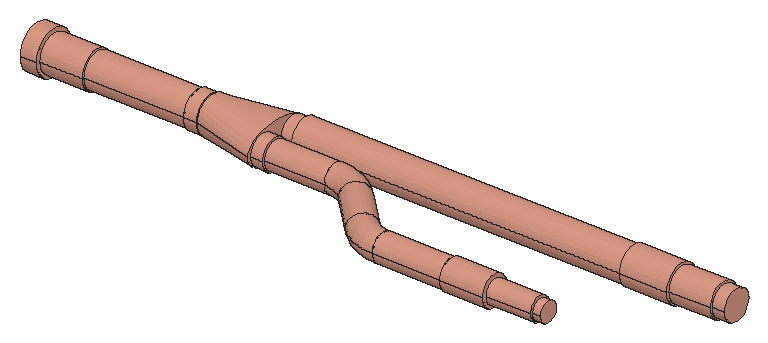
Revit family "outputfile", category 配管付属品, Revit 2024
Family settings
  丸型コネクタ寸法 = 半径を使用
  パーツ タイプ = 標準
  OmniClass 番号 = 23.65.55.00
  OmniClass タイトル = Distribution of Supplied Liquids/Gases
  作業面ベース = いいえ
  常に垂直 = はい
  ロード時にボイドで切り取り = いいえ
  共有 = いいえ
Parameters (values of type "BHRP25A73T")
  Description = ""
  製造元 = "Daikin"
  書き出し IFC クラス(タイプ) = "IfcPipeFittingType"
  定義済み IFC タイプ(タイプ) = "JUNCTION"
  Cost = 0
  Type Comments = ""
  Keynote = ""
  Type Image = (empty or 0)
  Assembly Code = ""
  mm⇔inch [instance] = yes
  l_dividePipe1 [instance] = size_lookup(table_StraightPipe, "l_dividePipe1", 10.0 mm, モデル)  # 12.0 mm
  Default Elevation = 0.0 mm
  モデル = "BHRP25A73T"
  table_StraightPipe [instance] = if(mm⇔inch, "Refnet Joint_BHRP25A-T_Gas_StraightPipe", "Refnet Joint_BHRP25A-T_Gas_StraightPipe_inch")  # "Refnet Joint_BHRP25A-T_Gas_StraightPipe"
  table_BranchPipe [instance] = if(mm⇔inch, "Refnet Joint_BHRP25A-T_Gas_BranchPipe", "Refnet Joint_BHRP25A-T_Gas_BranchPipe_inch")  # "Refnet Joint_BHRP25A-T_Gas_BranchPipe"
  table_Inlet [instance] = if(mm⇔inch, "Refnet Joint_BHRP25A-T_Gas_Inlet", "Refnet Joint_BHRP25A-T_Gas_Inlet_inch")  # "Refnet Joint_BHRP25A-T_Gas_Inlet"
  switch_StraightPipe_Reducer [instance] = if(Is_StraightPipe Reducer = 1, 1 = 1, 1 = 0)  # no
  switch_StraightPipe3 [instance] = if(number_StraightPipe = 3, 1 = 1, 1 = 0)  # yes
  switch_StraightPipe2 [instance] = if(number_StraightPipe < 2, 1 = 0, 1 = 1)  # yes
  switch_BranchPipe_Reducer [instance] = if(Is_BranchPipe Reducer = 1, 1 = 1, 1 = 0)  # no
  switch_BranchPipe3 [instance] = if(number_BranchPipe = 3, 1 = 1, 1 = 0)  # yes
  switch_BranchPipe2 [instance] = if(number_BranchPipe < 2, 1 = 0, 1 = 1)  # yes
  switch_Inlet pipe_Reducer [instance] = if(Is_Inlet Reducer = 1, 1 = 1, 1 = 0)  # no
  switch_Inlet pipe3 [instance] = if(number_InletPipe = 3, 1 = 1, 1 = 0)  # no
  switch_Inlet pipe2 [instance] = if(number_InletPipe < 2, 1 = 0, 1 = 1)  # yes
  Uniclass2015Version = "Products v1.31"
  Uniclass2015Title = "Copper pipe fittings"
  Uniclass2015Code = "Pr_65_52_63_18"
  URL = ""
  StraightPipe_Gas_ActualDiameter [instance] = 25.4 mm
  Material_Piping = DAIKIN_Copper_Pipe
  Material_Insulation = DAIKIN_White_Insulation
  lw_Insulation [instance] = size_lookup(table_Inlet, "lw_Insulation", 57.8 mm, モデル)  # 58.5 mm
  Unit Type = "BHRP25A-T_Gas"
  Tag No. [instance] = ""
  StraightPipe_Gas_Status [instance] = size_lookup(table_StraightPipe, "Information", "The connected pipe size is not available.", モデル, StraightPipe_Gas_ActualDiameter)  # "Default connector size is used."
  Link_Nested Family [instance] = ""
  Inlet_Gas_Actual Diameter [instance] = 38.1 mm
  IfcVersion = ""
  IfcExportType = "JUNCTION"
  IfcExportAs = "IfcPipeFittingType"
  BranchPipe_Gas_Status [instance] = size_lookup(table_BranchPipe, "Information", "The connected pipe size is not available.", モデル, BranchPipe_Gas_ActualDiameter)  # "Default connector size is used."
  Inlet_Gas_Status [instance] = size_lookup(table_Inlet, "Information", "The connected pipe size is not available.", モデル, Inlet_Gas_Actual Diameter)  # "Default connector size is used."
  Series = "Refnet Joint"
  O.R_dividePipe_Inlet [instance] = (I.D_InletPipe1 + 2.0 mm) / 2  # 16.9 mm
  r_StraightPipe_Connector [instance] = StraightPipe_Gas_ActualDiameter / 2  # 12.7 mm
  r_BranchPipe_Connector [instance] = BranchPipe_Gas_ActualDiameter / 2  # 7.95 mm
  r_Inlet_Connector [instance] = Inlet_Gas_Actual Diameter / 2  # 19.05 mm
  number_StraightPipe [instance] = size_lookup(table_StraightPipe, "pipeNumber", 2, モデル, StraightPipe_Gas_ActualDiameter)  # 3
  number_BranchPipe [instance] = size_lookup(table_BranchPipe, "pipeNumber", 2, モデル, BranchPipe_Gas_ActualDiameter)  # 3
  number_InletPipe [instance] = size_lookup(table_Inlet, "pipeNumber", 3, モデル, Inlet_Gas_Actual Diameter)  # 2
  r_BranchPipeR [instance] = size_lookup(table_BranchPipe, "r_offsetPipeR", 25.0 mm, モデル, BranchPipe_Gas_ActualDiameter)  # 40.0 mm
  l_BranchPipe_Straight2 [instance] = size_lookup(table_BranchPipe, "L_offsetPipe2", 43.0 mm, モデル)  # 63.0 mm
  l_BranchPipe_Straight1 [instance] = size_lookup(table_BranchPipe, "L_offsetPipe1", 5.0 mm, モデル)  # 56.0 mm
  l_BranchPipe connector [instance] = size_lookup(table_BranchPipe, "Length", 170.0 mm, モデル, BranchPipe_Gas_ActualDiameter)  # 312.0 mm
  l_inlet connector [instance] = size_lookup(table_Inlet, "Length", 130.0 mm, モデル, Inlet_Gas_Actual Diameter)  # 161.0 mm
  l_dividePipe [instance] = size_lookup(table_Inlet, "L_devidePipe", 38.0 mm, モデル)  # 61.0 mm
  l_StraightPipeReducer [instance] = size_lookup(table_StraightPipe, "L_Reducer", 80.0 mm, モデル, StraightPipe_Gas_ActualDiameter)  # 120.0 mm
  l_StraightPipe3 [instance] = size_lookup(table_StraightPipe, "L_Pipe3", 2.0 mm, モデル)  # 12.0 mm
  l_StraightPipe2 [instance] = size_lookup(table_StraightPipe, "L_Pipe2", 8.0 mm, モデル)  # 39.0 mm
  l_StraightPipe1 [instance] = size_lookup(table_StraightPipe, "L_Pipe1", 42.0 mm, モデル)  # 44.0 mm
  l_StraightPipe0 [instance] = size_lookup(table_StraightPipe, "L_Pipe0", 152.0 mm, モデル)  # 305.0 mm
  l_StraightPipe connector [instance] = size_lookup(table_StraightPipe, "Length", 212.0 mm, モデル, StraightPipe_Gas_ActualDiameter)  # 412.0 mm
  l_BranchPipe Reducer [instance] = size_lookup(table_BranchPipe, "L_Reducer", 80.0 mm, モデル, BranchPipe_Gas_ActualDiameter)  # 100.0 mm
  l_BranchPipe3 [instance] = size_lookup(table_BranchPipe, "L_Pipe3", 2.0 mm, モデル)  # 8.0 mm
  l_BranchPipe2 [instance] = size_lookup(table_BranchPipe, "L_Pipe2", 8.0 mm, モデル)  # 42.0 mm
  l_BranchPipe1 [instance] = size_lookup(table_BranchPipe, "L_Pipe1", 42.0 mm, モデル)  # 40.0 mm
  l_BranchPipe0 [instance] = size_lookup(table_BranchPipe, "L_Pipe0", 110.0 mm, モデル)  # 210.0 mm
  l_InletReducer [instance] = size_lookup(table_Inlet, "L_Reducer", 100.0 mm, モデル, Inlet_Gas_Actual Diameter)  # 120.0 mm
  l_InletPipe3 [instance] = size_lookup(table_Inlet, "L_Pipe3", 8.0 mm, モデル)  # 2.0 mm
  l_InletPipe2 [instance] = size_lookup(table_Inlet, "L_Pipe2", 42.0 mm, モデル)  # 15.0 mm
  l_InletPipe1 [instance] = size_lookup(table_Inlet, "L_Pipe1", 40.0 mm, モデル)  # 40.0 mm
  l_InletPipe0 [instance] = size_lookup(table_Inlet, "L_Pipe0", 28.0 mm, モデル)  # 94.0 mm
  center_StraightPipe [instance] = size_lookup(table_StraightPipe, "center_Pipe", 11.5 mm, モデル)  # 17.5 mm
  center_BranchPipe2 [instance] = size_lookup(table_BranchPipe, "center_OffsetPipe", 68.5 mm, モデル)  # 75.5 mm
  center_BranchPipe1 [instance] = size_lookup(table_BranchPipe, "center_Pipe", 11.5 mm, モデル)  # 17.5 mm
  StraightPipe_Gas_AvailableDiameter [instance] = size_lookup(table_StraightPipe, "sizeVariation", "", モデル)  # "25.4/28.6/31.8/34.9/41.3mm"
  BranchPipe_Gas_AvailableDiameter [instance] = size_lookup(table_BranchPipe, "sizeVariation", "", モデル)  # "12.7/15.9/19.1/22.2/25.4/28.6mm"
  Inlet_Gas_Available Diameter [instance] = size_lookup(table_Inlet, "sizeVariation", "", モデル)  # "31.8/34.9/38.1/41.3mm"
  O.D_StraightPipe Reducer [instance] = size_lookup(table_StraightPipe, "O.D_reducer", 2.0 mm, モデル, StraightPipe_Gas_ActualDiameter)  # 2.0 mm
  O.D_Offset Outlet Reducer [instance] = size_lookup(table_BranchPipe, "O.D_reducer", 2.0 mm, モデル, BranchPipe_Gas_ActualDiameter)  # 2.0 mm
  O.D_Inlet Reducer [instance] = size_lookup(table_Inlet, "O.D_reducer", 2.0 mm, モデル, Inlet_Gas_Actual Diameter)  # 2.0 mm
  Is_StraightPipe Reducer [instance] = size_lookup(table_StraightPipe, "IsReducer", 0, モデル, StraightPipe_Gas_ActualDiameter)  # 0
  Is_BranchPipe Reducer [instance] = size_lookup(table_BranchPipe, "IsReducer", 0, モデル, BranchPipe_Gas_ActualDiameter)  # 0
  Is_Inlet Reducer [instance] = size_lookup(table_Inlet, "IsReducer", 0, モデル, Inlet_Gas_Actual Diameter)  # 0
  BranchPipe_Gas_ActualDiameter [instance] = 15.9 mm
  Attach_Insulation [instance] = no
  I.D_StraightPipe3 [instance] = size_lookup(table_StraightPipe, "I.D_PipeSize3", 2.0 mm, モデル)  # 25.4 mm
  I.D_StraightPipe2 [instance] = size_lookup(table_StraightPipe, "I.D_PipeSize2", 12.7 mm, モデル)  # 28.6 mm
  I.D_StraightPipe1 [instance] = size_lookup(table_StraightPipe, "I.D_PipeSize1", 15.9 mm, モデル)  # 31.8 mm
  I.D_StraightPipe0 [instance] = size_lookup(table_StraightPipe, "I.D_PipeSize0", 13.9 mm, モデル)  # 29.8 mm
  I.D_BranchPipe3 [instance] = size_lookup(table_BranchPipe, "I.D_PipeSize3", 2.0 mm, モデル)  # 15.9 mm
  I.D_BranchPipe2 [instance] = size_lookup(table_BranchPipe, "I.D_PipeSize2", 12.7 mm, モデル)  # 19.1 mm
  I.D_BranchPipe1 [instance] = size_lookup(table_BranchPipe, "I.D_PipeSize1", 15.9 mm, モデル)  # 25.4 mm
  I.D_BranchPipe0 [instance] = size_lookup(table_BranchPipe, "I.D_PipeSize0", 13.9 mm, モデル)  # 23.4 mm
  I.D_Straight Reducer [instance] = size_lookup(table_StraightPipe, "I.D_reducer", 2.0 mm, モデル, StraightPipe_Gas_ActualDiameter)  # 2.0 mm
  I.D_OutletPipe [instance] = size_lookup(table_Inlet, "I.D_OutletPipeSize", 16.0 mm, モデル, Inlet_Gas_Actual Diameter)  # 25.6 mm
  I.D_Branch Reducer [instance] = size_lookup(table_BranchPipe, "I.D_reducer", 2.0 mm, モデル, BranchPipe_Gas_ActualDiameter)  # 2.0 mm
  I.D_Inlet Reducer [instance] = size_lookup(table_Inlet, "I.D_reducer", 2.0 mm, モデル, Inlet_Gas_Actual Diameter)  # 2.0 mm
  I.D_InletPipe3 [instance] = size_lookup(table_Inlet, "I.D_PipeSize3", 12.7 mm, モデル)  # 2.0 mm
  I.D_InletPipe2 [instance] = size_lookup(table_Inlet, "I.D_PipeSize2", 15.9 mm, モデル)  # 38.1 mm
  I.D_InletPipe1 [instance] = size_lookup(table_Inlet, "I.D_PipeSize1", 19.1 mm, モデル)  # 31.8 mm
  I.D_InletPipe0 [instance] = size_lookup(table_Inlet, "I.D_PipeSize0", 17.1 mm, モデル)  # 29.8 mm
Reference planes
  plane 1 "Center (Front/Back)": y = 0
  plane 2: z = 0
  plane 3 "base_left": x = 0
  plane 4: x = 2
  plane 5: x = 17
  plane 6: x = 57
  plane 7: x = 151
  plane 8: x = 163
  plane 9: x = 224
  plane 10: x = 236
  plane 11 "center_straight outlet": y = 17.5
  plane 12 "center2_offset outlet": y = -75.5
  plane 13 "center1_offset outlet": y = -17.5
  plane 14: x = 541
  plane 15: x = 585
  plane 16: x = 624
  plane 17: x = 446
  plane 18: x = 486
  plane 19: x = 528
  plane 20: x = 636
  plane 21: x = 536
  plane 22 "Reducer_straightoutlet": x = 536
  plane 23: x = 636
  plane 24: y = -34.4
  plane 25: z = 16.9
  plane 26 "Inlet_connector": x = 2
  plane 27 "Left_Insulation": x = 104.5
Forms (mm)
  SweptBlend 1, solid, material "DAIKIN_Copper_Pipe" <- "Material_Piping"
    path origin (0, 0, 0) x (1, 0, 0) y (0, 1, 0)
      loop
        line (163, 0) -> (224, 0)
    profile origin (163, 0, 0) x (0, 1, 0) y (0, 0, 1)
      loop
        circle (0, 0) r 16.9
    end profile origin (224, 0, 0) x (0, 1, 0) y (0, 0, 1)
      loop
        spline (-34.4, 0) -> (-33.228, -4.374) -> (-29.791, -8.45) -> (-24.324, -11.95) -> (-17.2, -14.636) -> (-8.903, -16.324) -> (0, -16.9) -> (8.903, -16.324) -> (17.2, -14.636) -> (24.324, -11.95) -> (29.791, -8.45) -> (33.228, -4.374) -> (34.4, 0)
        spline (34.4, 0) -> (33.228, 4.374) -> (29.791, 8.45) -> (24.324, 11.95) -> (17.2, 14.636) -> (8.903, 16.324) -> (0, 16.9) -> (-8.903, 16.324) -> (-17.2, 14.636) -> (-24.324, 11.95) -> (-29.791, 8.45) -> (-33.228, 4.374) -> (-34.4, 0)
Dimensions and locks
  "l_InletPipe3": plane 3 "base_left" to plane 4
  "l_InletPipe2": plane 4 to plane 5
  "l_InletPipe1": plane 5 to plane 6
  "l_InletPipe0": plane 6 to plane 7
  locked: plane 7 to plane 8 at 12
  "center_StraightPipe": plane 1 "Center (Front/Back)" to plane 11 "center_straight outlet"
  "center_BranchPipe2": plane 12 "center2_offset outlet" to plane 1 "Center (Front/Back)"
  "center_BranchPipe1": plane 13 "center1_offset outlet" to plane 1 "Center (Front/Back)"
  "l_dividePipe": plane 8 to plane 9
  "l_dividePipe1": plane 9 to plane 10
  "l_StraightPipe0": plane 10 to plane 14
  "l_BranchPipe0": plane 10 to plane 17
  "l_BranchPipe1": plane 17 to plane 18
  "l_BranchPipe2": plane 18 to plane 19
  "l_StraightPipe1": plane 14 to plane 15
  "l_StraightPipe2": plane 15 to plane 16
  "l_StraightPipe3": plane 16 to plane 20
  "l_BranchPipe3": plane 19 to plane 21
  "l_BranchPipe connector": plane 9 to plane 22 "Reducer_straightoutlet"
  "l_StraightPipe connector": plane 9 to plane 23
  "O.R_dividePipe_Inlet": plane 24 to plane 13 "center1_offset outlet"
  "O.R_dividePipe_Inlet": plane 25 to plane 2
  "l_inlet connector": plane 26 "Inlet_connector" to plane 8
  "lw_Insulation": plane 27 "Left_Insulation" to plane 8
  "O.R_dividePipe_Inlet": radius of SweptBlend 1 sketch curve
  aligned and locked: level to plane 2
  aligned and locked: plane 2 to nested 1
  aligned and locked: plane 3 "base_left" to nested 1
  aligned and locked: plane 1 "Center (Front/Back)" to nested 1
  aligned and locked: plane 4 to nested 2
  aligned and locked: plane 1 "Center (Front/Back)" to nested 2
  aligned and locked: plane 5 to nested 2
  aligned and locked: plane 5 to nested 3
  aligned and locked: plane 6 to nested 3
  aligned and locked: plane 6 to nested 4
  aligned and locked: nested 4 to plane 7
  aligned and locked: nested 5 to plane 7
  aligned and locked: nested 5 to plane 8
  aligned and locked: plane 8 to SweptBlend 1 sketch curve
  aligned and locked: plane 9 to SweptBlend 1 sketch curve
  aligned and locked: plane 2 to SweptBlend 1 sketch curve  (x2)
  aligned and locked: plane 1 "Center (Front/Back)" to SweptBlend 1 sketch curve  (x2)
  aligned and locked: nested 6 to plane 9
  aligned and locked: nested 7 to plane 9
  aligned and locked: nested 6 to plane 11 "center_straight outlet"
  aligned and locked: nested 7 to plane 13 "center1_offset outlet"
  aligned and locked: nested 7 to plane 10
  aligned and locked: nested 6 to plane 10
  aligned and locked: nested 8 to plane 10
  aligned and locked: plane 14 to nested 8
  aligned and locked: nested 8 to plane 11 "center_straight outlet"
  aligned and locked: plane 14 to nested 9
  aligned and locked: plane 11 "center_straight outlet" to nested 9
  aligned and locked: plane 15 to nested 9
  aligned and locked: plane 11 "center_straight outlet" to nested 10
  aligned and locked: plane 15 to nested 10
  aligned and locked: plane 16 to nested 10
  aligned and locked: nested 11 to plane 12 "center2_offset outlet"
  aligned and locked: plane 17 to nested 11
  aligned and locked: plane 18 to nested 11
  aligned and locked: nested 12 to plane 12 "center2_offset outlet"
  aligned and locked: plane 18 to nested 12
  aligned and locked: plane 19 to nested 12
  aligned and locked: nested 13 to plane 10
  aligned and locked: nested 13 to plane 13 "center1_offset outlet"
  aligned and locked: nested 13 to plane 12 "center2_offset outlet"
  aligned and locked: plane 8 to nested 14
  aligned and locked: plane 1 "Center (Front/Back)" to nested 14
  aligned and locked: nested 15 to plane 11 "center_straight outlet"
  aligned and locked: nested 15 to plane 9
  aligned and locked: nested 16 to plane 9
  aligned and locked: nested 16 to plane 12 "center2_offset outlet"
  aligned and locked: nested 17 to plane 1 "Center (Front/Back)"
  aligned and locked: plane 16 to nested 18
  aligned and locked: plane 20 to nested 18
  aligned and locked: plane 19 to nested 19
  aligned and locked: plane 21 to nested 19
  aligned and locked: nested 20 to plane 12 "center2_offset outlet"
  aligned and locked: plane 23 to nested 21
  aligned and locked: plane 11 "center_straight outlet" to nested 21
  aligned and locked: plane 4 to nested 1
  aligned and locked: plane 24 to SweptBlend 1 sketch curve
  aligned and locked: plane 25 to SweptBlend 1 sketch curve
  aligned and locked: plane 12 "center2_offset outlet" to nested 19
  aligned and locked: plane 11 "center_straight outlet" to nested 18
  aligned and locked: nested 17 to plane 26 "Inlet_connector"
  aligned and locked: plane 22 "Reducer_straightoutlet" to nested 20
  aligned and locked: nested 22 to plane 27 "Left_Insulation"
  aligned and locked: plane 1 "Center (Front/Back)" to nested 22
Automatic sketch dimensions
  plane 1 "Center (Front/Back)" to SweptBlend 1 sketch curve = 0.0 mm
Nested families
  nested 1: "daikin_Pipe" at (1, 0, 0), I.D_Pipe <- "I.D_InletPipe3", display <- "switch_Inlet pipe3", type "*"
    with length_Pipe 2.0 mm, display no, O.D_Pipe 4.0 mm, I.D_Pipe 2.0 mm
  nested 2: "daikin_Pipe" at (9.5, 0, 0), I.D_Pipe <- "I.D_InletPipe2", display <- "switch_Inlet pipe2", type "*"
    with length_Pipe 15.0 mm, display yes, O.D_Pipe 40.1 mm, I.D_Pipe 38.1 mm
  nested 3: "daikin_Pipe" at (37, 0, 0), I.D_Pipe <- "I.D_InletPipe1", type "*"
    with length_Pipe 40.0 mm, display yes, O.D_Pipe 33.8 mm, I.D_Pipe 31.8 mm
  nested 4: "daikin_Pipe" at (104, 0, 0), I.D_Pipe <- "I.D_InletPipe0", type "*"
    with length_Pipe 94.0 mm, display yes, O.D_Pipe 31.8 mm, I.D_Pipe 29.8 mm
  nested 5: "daikin_Pipe" at (157, 0, 0), I.D_Pipe <- "I.D_InletPipe1", type "*"
    with length_Pipe 12.0 mm, display yes, O.D_Pipe 33.8 mm, I.D_Pipe 31.8 mm
  nested 6: "daikin_Pipe" at (230, 17.5, 0), I.D_Pipe <- "I.D_OutletPipe", type "*"
    with length_Pipe 12.0 mm, display yes, O.D_Pipe 27.6 mm, I.D_Pipe 25.6 mm
  nested 7: "daikin_Pipe" at (230, -17.5, 0), I.D_Pipe <- "I.D_OutletPipe", type "*"
    with length_Pipe 12.0 mm, display yes, O.D_Pipe 27.6 mm, I.D_Pipe 25.6 mm
  nested 8: "daikin_Pipe" at (388.5, 17.5, 0), I.D_Pipe <- "I.D_StraightPipe0", type "*"
    with length_Pipe 305.0 mm, display yes, O.D_Pipe 31.8 mm, I.D_Pipe 29.8 mm
  nested 9: "daikin_Pipe" at (563, 17.5, 0), I.D_Pipe <- "I.D_StraightPipe1", type "*"
    with length_Pipe 44.0 mm, display yes, O.D_Pipe 33.8 mm, I.D_Pipe 31.8 mm
  nested 10: "daikin_Pipe" at (604.5, 17.5, 0), I.D_Pipe <- "I.D_StraightPipe2", display <- "switch_StraightPipe2", type "*"
    with length_Pipe 39.0 mm, display yes, O.D_Pipe 30.6 mm, I.D_Pipe 28.6 mm
  nested 11: "daikin_Pipe" at (466, -75.5, 0), I.D_Pipe <- "I.D_BranchPipe1", type "*"
    with length_Pipe 40.0 mm, display yes, O.D_Pipe 27.4 mm, I.D_Pipe 25.4 mm
  nested 12: "daikin_Pipe" at (507, -75.5, 0), I.D_Pipe <- "I.D_BranchPipe2", display <- "switch_BranchPipe2", type "*"
    with length_Pipe 42.0 mm, display yes, O.D_Pipe 21.1 mm, I.D_Pipe 19.1 mm
  nested 13: "daikin_Pipe Ofsset" at (236, -17.5, 0), I.D_Pipe size <- "I.D_BranchPipe0", length_straight pipe1 <- "l_BranchPipe_Straight1", length_straight pipe2 <- "l_BranchPipe_Straight2", r_Pipe R <- "r_BranchPipeR", length_Pipe <- "l_BranchPipe0", type "*"
    with r_Pipe R 40.0 mm, length_straight pipe2 63.0 mm, length_straight pipe1 56.0 mm, length_offset center 58.0 mm, length_Pipe 210.0 mm, O.D_Pipe size 25.4 mm, I.D_Pipe size 23.4 mm
  nested 14: "daikin_connector_rotate2" at (163, 0, 0) x (0, -1, 0) z (0, 0, 1), length <- "l_inlet connector", type "daikin_connector_rotate2"
    with radius 5.0 mm, length 161.0 mm, angle_vertical 90.00°, locaton_mark no
  nested 15: "daikin_connector_rotate2" at (224, 17.5, 0) x (0, 1, 0) z (0, 0, 1), length <- "l_StraightPipe connector", type "daikin_connector_rotate2"
    with radius 5.0 mm, length 412.0 mm, angle_vertical 90.00°, locaton_mark no
  nested 16: "daikin_connector_rotate2" at (224, -75.5, 0) x (0, 1, 0) z (0, 0, 1), length <- "l_BranchPipe connector", type "daikin_connector_rotate2"
    with radius 5.0 mm, length 312.0 mm, angle_vertical 90.00°, locaton_mark no
  nested 17: "daikin_Pipe_reducer" at (62, 0, 0) x (-1, 0, 0) z (0, 0, 1), display <- "switch_Inlet pipe_Reducer", length_Pipe <- "l_InletReducer", I.D_Pipe1 <- "I.D_Inlet Reducer", O.D_Pipe2 <- "O.D_Inlet Reducer", type "*"
    with length_Pipe 120.0 mm, display no, O.D_Pipe2 2.0 mm, O.D_Pipe1 4.0 mm, I.D_Pipe2 0.0 mm, I.D_Pipe1 2.0 mm
  nested 18: "daikin_Pipe" at (630, 17.5, 0), I.D_Pipe <- "I.D_StraightPipe3", display <- "switch_StraightPipe3", type "*"
    with length_Pipe 12.0 mm, display yes, O.D_Pipe 27.4 mm, I.D_Pipe 25.4 mm
  nested 19: "daikin_Pipe" at (532, -75.5, 0), I.D_Pipe <- "I.D_BranchPipe3", display <- "switch_BranchPipe3", type "*"
    with length_Pipe 8.0 mm, display yes, O.D_Pipe 17.9 mm, I.D_Pipe 15.9 mm
  nested 20: "daikin_Pipe_reducer" at (486, -75.5, 0), I.D_Pipe1 <- "I.D_Branch Reducer", O.D_Pipe2 <- "O.D_Offset Outlet Reducer", length_Pipe <- "l_BranchPipe Reducer", display <- "switch_BranchPipe_Reducer", type "*"
    with length_Pipe 100.0 mm, display no, O.D_Pipe2 2.0 mm, O.D_Pipe1 4.0 mm, I.D_Pipe2 0.0 mm, I.D_Pipe1 2.0 mm
  nested 21: "daikin_Pipe_reducer" at (576, 17.5, 0), I.D_Pipe1 <- "I.D_Straight Reducer", O.D_Pipe2 <- "O.D_StraightPipe Reducer", length_Pipe <- "l_StraightPipeReducer", display <- "switch_StraightPipe_Reducer", type "*"
    with length_Pipe 120.0 mm, display no, O.D_Pipe2 2.0 mm, O.D_Pipe1 4.0 mm, I.D_Pipe2 0.0 mm, I.D_Pipe1 2.0 mm
  nested 22: "daikin_Insulation_RefnetJoint" at (104.5, 0, 0), I.D_Outlet PipeSize <- "I.D_OutletPipe", type "*"
    with h 57.6 mm, I.D_Outlet PipeSize 25.6 mm, r_Insulation 14.0 mm, h_Insulation 297.0 mm, d_Insulation3_3 82.0 mm, d_Insulation2_2 50.5 mm, d_Insulation1_1 32.0 mm, w_Insulation5 310.0 mm, w_Insulation4 60.0 mm, w_Insulation3 109.0 mm, w_Insulation2 90.0 mm, w_Insulation1 30.0 mm, d_Insulation3 74.0 mm, d_Insulation2 54.5 mm, d_Insulation1 36.0 mm
Connectors
  piping at (2, 0, 0), diameter 38.1, driven by "r_Inlet_Connector"
    settings: on nested 14, index 1, connector inside diameter 609.6 mm, connector length 0.0 mm, flow factor 0, pipe flow 0.00 m³/h, pressure drop 0.0 Pa, fitting loss kfactor 0, connector angle 0.00°, fixture units 0, engagement length 0.0 mm, angle of deflection 0.00°, flow configuration 0, flow direction 2, fitting loss method 0, system type 29, joint type 0, gender type 0, connector reference index -1, connector utility 0, adjustable connector no, is connector primary yes, connector description "Refnet Joint_Inlet_Gas"
  piping at (536, -75.5, 0), diameter 15.9, driven by "r_BranchPipe_Connector"
    settings: on nested 16, index 2, connector inside diameter 609.6 mm, connector length 0.0 mm, flow factor 0, pipe flow 0.00 m³/h, pressure drop 0.0 Pa, fitting loss kfactor 0, connector angle 0.00°, fixture units 0, engagement length 0.0 mm, angle of deflection 0.00°, flow configuration 0, flow direction 1, fitting loss method 0, system type 29, joint type 0, gender type 0, connector reference index -1, connector utility 0, adjustable connector no, is connector primary no, connector description "Refnet Joint_Outlet Branch_Gas"
  piping at (636, 17.5, 0), diameter 25.4, driven by "r_StraightPipe_Connector"
    settings: on nested 15, index 3, connector inside diameter 609.6 mm, connector length 0.0 mm, flow factor 0, pipe flow 0.00 m³/h, pressure drop 0.0 Pa, fitting loss kfactor 0, connector angle 0.00°, fixture units 0, engagement length 0.0 mm, angle of deflection 0.00°, flow configuration 0, flow direction 1, fitting loss method 0, system type 29, joint type 0, gender type 0, connector reference index -1, connector utility 0, adjustable connector no, is connector primary no, connector description "Refnet Joint_Outlet Straight_Gas"
Definition of nested family "daikin_Pipe"
  Parameters (values of type "*")
    Default Elevation = 0.0 mm
    material = none
    length_Pipe [instance] = 150.0 mm
    display [instance] = yes
    O.D_Pipe [instance] = I.D_Pipe + 2.0 mm  # 27.0 mm
    I.D_Pipe [instance] = 25.0 mm
  Reference planes
    plane 1 "Center (Front/Back)": y = 0
    plane 2 "center(vertical)": z = 0
    plane 3 "Center (Left/Right)": x = 0
    plane 4 "left": x = -75
    plane 5 "right": x = 75
  Forms (mm)
    Extrusion 1, solid, material <- "material", visible <- "display"
      sketch origin (0, 0, 0) x (0, 1, 0) y (0, 0, 1)
        loop
          circle (0, 0) r 13.5
      from -75 to 75
  Dimensions and locks
    equal spacing: plane 4 "left", plane 3 "Center (Left/Right)", plane 5 "right"
    "length_Pipe": plane 4 "left" to plane 5 "right"
    "O.D_Pipe": diameter of Extrusion 1 sketch curve
    aligned and locked: level to plane 2 "center(vertical)"
    aligned and locked: plane 2 "center(vertical)" to Extrusion 1 sketch curve
    aligned and locked: plane 1 "Center (Front/Back)" to Extrusion 1 sketch curve
    aligned and locked: plane 5 "right" to Extrusion 1
    aligned and locked: Extrusion 1 to plane 4 "left"
Definition of nested family "daikin_Pipe Ofsset"
  Parameters (values of type "*")
    Default Elevation = 0.0 mm
    r_Pipe R [instance] = 40.0 mm
    material = none
    length_straight pipe2 [instance] = 43.0 mm
    length_straight pipe1 [instance] = 5.0 mm
    length_offset center [instance] = 57.0 mm
    length_Pipe [instance] = 110.0 mm
    O.D_Pipe size [instance] = I.D_Pipe size + 2.0 mm  # 12.0 mm
    I.D_Pipe size [instance] = 10.0 mm
  Reference planes
    plane 1 "Center (Front/Back)": y = 0
    plane 2: z = 0
    plane 3 "Center (Left/Right)": x = 0
    plane 4: y = -57
    plane 5: x = 110
    plane 6: x = 67
    plane 7: x = 5
  Forms (mm)
    Sweep 1, solid, material <- "material"
      path origin (0, 0, 0) x (1, 0, 0) y (0, 1, 0)
        loop
          line (0, 0) -> (5, 0)
          arc (5, 0) -> (20.74, -3.227) -> (33.94, -12.387) r 40
          line (33.94, -12.387) -> (38.06, -44.613)
          arc (38.06, -44.613) -> (51.26, -53.773) -> (67, -57) r 40
          line (67, -57) -> (110, -57)
      profile origin (2.5, 0, 0) x (0, 1, 0) y (0, 0, 1)
        loop
          circle (0, 0) r 6
  Dimensions and locks
    "length_offset center": plane 4 to plane 1 "Center (Front/Back)"
    "length_straight pipe1": plane 3 "Center (Left/Right)" to plane 7
    "length_Pipe": plane 3 "Center (Left/Right)" to plane 5
    "length_straight pipe2": plane 6 to plane 5
    "O.D_Pipe size": diameter of Sweep 1 sketch curve
    "r_Pipe R": radius of Sweep 1 sketch curve  (x2)
    aligned and locked: level to plane 2
    aligned and locked: plane 1 "Center (Front/Back)" to Sweep 1 sketch curve
    aligned and locked: profile plane to Sweep 1 sketch curve
    aligned and locked: plane 5 to Sweep 1 sketch curve
    aligned and locked: plane 7 to Sweep 1 sketch curve
    aligned and locked: plane 6 to Sweep 1 sketch curve
  Automatic sketch dimensions
    plane 1 "Center (Front/Back)" to Sweep 1 sketch curve = 0.0 mm
    Sweep 1 sketch curve to plane 3 "Center (Left/Right)" = 0.0 mm
    plane 4 to Sweep 1 sketch curve = 0.0 mm
    plane 1 "Center (Front/Back)" to Sweep 1 sketch curve = 12.387 mm
    Sweep 1 sketch curve to plane 4 = 12.387 mm
Definition of nested family "daikin_connector_rotate2"
  Parameters (values of type "daikin_connector_rotate2")
    show_face = no
    radius [instance] = 10.0 mm
    locaton_mark = yes
    length [instance] = 600.0 mm
    d_surface = 10.0 mm
    angle_vertical [instance] = 90.00°
    Default Elevation = 0.0 mm
  Reference planes
    plane 1 "Center (Front/Back)": y = 0
    plane 2: z = 0
    plane 3 "Center (Left/Right)": x = 0
  Forms (mm)
    Extrusion 1, solid, visible <- "show_face"
      sketch origin (0, -600, 0) x (1, 0, 0) y (0, 0, 1)
        loop
          circle (0, 0) r 10
      from 0 to -10
  Lines and regions (mm)
    reference lines
      curve 1: line (0, 0, 0) -> (0, -600, 0)
    symbolic lines, visible <- "locaton_mark"
      curve 2: circle (0, 0, 0) r 5 normal (0, 0, 1)
    model lines, visible <- "show_face"
      curve 3: line (0, 0, 0) -> (0, -600, 0)
  Dimensions and locks
    "length": curve 1 to curve 1
    "length": curve 3 to curve 3
    "d_surface": Extrusion 1 to Extrusion 1
    "radius": radius of Extrusion 1 sketch curve
    "angle_vertical": angle curve 1 to plane 1 "Center (Front/Back)"
    "angle_vertical": angle curve 3 to plane 1 "Center (Front/Back)"
    aligned and locked: level to plane 2
    aligned and locked: plane 1 "Center (Front/Back)" to curve 1
    aligned and locked: plane 2 to curve 1
    aligned and locked: plane 1 "Center (Front/Back)" to curve 2
    aligned and locked: plane 3 "Center (Left/Right)" to curve 2
    aligned and locked: plane 1 "Center (Front/Back)" to curve 3
    aligned and locked: plane 2 to curve 3
    aligned and locked: Extrusion 1 to Extrusion 1
  Automatic sketch dimensions
    Extrusion 1 sketch curve to level = 0.0 mm
    Extrusion 1 sketch curve to plane 3 "Center (Left/Right)" = 0.0 mm
    radius of curve 2 = 5.0 mm
Definition of nested family "daikin_Pipe_reducer"
  Parameters (values of type "*")
    Default Elevation = 0.0 mm
    material = none
    length_Pipe [instance] = 250.0 mm
    display [instance] = yes
    O.D_Pipe2 [instance] = 19.1 mm
    O.D_Pipe1 [instance] = I.D_Pipe1 + 2.0 mm  # 24.2 mm
    I.D_Pipe2 [instance] = O.D_Pipe2 - 2.0 mm  # 17.1 mm
    I.D_Pipe1 [instance] = 22.2 mm
  Reference planes
    plane 1 "Center (Front/Back)": y = 0
    plane 2 "center(vertical)": z = 0
    plane 3 "Center (Left/Right)": x = 0
    plane 4 "connection": x = -125
    plane 5 "right": x = 113
    plane 6: x = 125
  Forms (mm)
    Extrusion 1, solid, material <- "material", visible <- "display"
      sketch origin (0, 0, 0) x (0, 1, 0) y (0, 0, 1)
        loop
          circle (0, 0) r 9.55
      from -125 to 113
    Extrusion 2, solid, material <- "material", visible <- "display"
      sketch origin (0, 0, 0) x (0, 1, 0) y (0, 0, 1)
        loop
          circle (0, 0) r 12.1
      from 113 to 125
  Dimensions and locks
    locked: plane 5 "right" to plane 6 at 12
    "length_Pipe": plane 4 "connection" to plane 6
    equal spacing: plane 4 "connection", plane 3 "Center (Left/Right)", plane 6
    "O.D_Pipe2": diameter of Extrusion 1 sketch curve
    "O.D_Pipe1": diameter of Extrusion 2 sketch curve
    aligned and locked: level to plane 2 "center(vertical)"
    aligned and locked: plane 2 "center(vertical)" to Extrusion 1 sketch curve
    aligned and locked: plane 1 "Center (Front/Back)" to Extrusion 1 sketch curve
    aligned and locked: plane 5 "right" to Extrusion 1
    aligned and locked: Extrusion 1 to plane 4 "connection"
    aligned and locked: plane 2 "center(vertical)" to Extrusion 2 sketch curve
    aligned and locked: plane 1 "Center (Front/Back)" to Extrusion 2 sketch curve
    aligned and locked: Extrusion 2 to plane 5 "right"
    aligned and locked: plane 6 to Extrusion 2
Definition of nested family "daikin_Insulation_RefnetJoint"
  Parameters (values of type "*")
    r_Insulation = size_lookup(table_Insulation, "r_Insulation", 13.5 mm, Model)  # 13.5 mm
    h_Insulation = size_lookup(table_Insulation, "h_Insulation", 203.8 mm, Model)  # 202.5 mm
    d_Insulation3_3 = size_lookup(table_Insulation, "d_Insulation3_3", 68.0 mm, Model)  # 68.0 mm
    d_Insulation2_2 = size_lookup(table_Insulation, "d_Insulation2_2", 38.0 mm, Model)  # 38.0 mm
    d_Insulation1_1 = size_lookup(table_Insulation, "d_Insulation1_1", 26.5 mm, Model)  # 26.5 mm
    Default Elevation = 0.0 mm
    Model = "BHRP25A22T"
    w_Insulation5 = size_lookup(table_Insulation, "w_Insulation5", 212.0 mm, Model)  # 212.0 mm
    w_Insulation4 = size_lookup(table_Insulation, "w_Insulation4", 67.0 mm, Model)  # 67.0 mm
    w_Insulation3 = size_lookup(table_Insulation, "w_Insulation3", 34.7 mm, Model)  # 34.7 mm
    w_Insulation2 = size_lookup(table_Insulation, "w_Insulation2", 80.0 mm, Model)  # 80.0 mm
    w_Insulation1 = size_lookup(table_Insulation, "w_Insulation1", 22.0 mm, Model)  # 22.0 mm
    table_Insulation = "Refnet Joint_BHRP25A-T_Gas_Insulation"  # constant formula
    material = none
    h [instance] = (I.D_Outlet PipeSize + 2.0 mm) + 30.0 mm  # 47.0 mm
    display = no
    d_Insulation3 = size_lookup(table_Insulation, "d_Insulation3", 63.5 mm, Model)  # 63.5 mm
    d_Insulation2 = size_lookup(table_Insulation, "d_Insulation2", 41.0 mm, Model)  # 41.0 mm
    d_Insulation1 = size_lookup(table_Insulation, "d_Insulation1", 29.5 mm, Model)  # 29.5 mm
    I.D_Outlet PipeSize [instance] = 15.0 mm
  Reference planes
    plane 1 "Center (Front/Back)": y = 0
    plane 2: z = 0
    plane 3 "Left": x = 0
    plane 4 "top": z = 23.5
    plane 5 "bottom": z = -23.5
    plane 6: x = 22
    plane 7: x = 80
    plane 8: y = 26.5
    plane 9: y = -29.5
    plane 10: y = 38
    plane 11: y = -41
    plane 12: y = -93.5
    plane 13: x = 212
    plane 14: y = -30
    plane 15: x = 114.7
    plane 16: x = 145
    plane 17: x = 202.5
  Forms (mm)
    Extrusion 1, solid, material <- "material", visible <- "display"
      sketch origin (0, 0, 0) x (1, 0, 0) y (0, 1, 0)
        loop
          line (22, 26.5) -> (0, 26.5) -> (0, -29.5) -> (22, -29.5) -> (80, -41) -> (114.7, -41) -> (145, -93.5) -> (212, -93.5) -> (212, -43.5) -> (202.5, -43.5)
          arc (202.5, -43.5) -> (189, -30) -> (202.5, -16.5) r 13.5
          line (202.5, -16.5) -> (212, -16.5) -> (212, 38) -> (80, 38) -> (22, 26.5)
      from -23.5 to 23.5
  Dimensions and locks
    equal spacing: plane 4 "top", plane 2, plane 5 "bottom"
    "h": plane 4 "top" to plane 5 "bottom"
    "w_Insulation1": plane 3 "Left" to plane 6
    "w_Insulation2": plane 3 "Left" to plane 7
    "w_Insulation5": plane 3 "Left" to plane 13
    "w_Insulation3": plane 7 to plane 15
    "w_Insulation4": plane 16 to plane 13
    "d_Insulation1": plane 1 "Center (Front/Back)" to plane 9
    "d_Insulation1_1": plane 8 to plane 1 "Center (Front/Back)"
    "d_Insulation2": plane 1 "Center (Front/Back)" to plane 11
    "d_Insulation2_2": plane 10 to plane 1 "Center (Front/Back)"
    "d_Insulation3_3": plane 10 to plane 14
    "d_Insulation3": plane 14 to plane 12
    "r_Insulation": Extrusion 1 sketch curve to plane 14
    "r_Insulation": plane 14 to Extrusion 1 sketch curve
    "h_Insulation": plane 3 "Left" to plane 17
    "r_Insulation": radius of Extrusion 1 sketch curve
    aligned and locked: level to plane 2
    aligned and locked: Extrusion 1 to plane 5 "bottom"
    aligned and locked: plane 4 "top" to Extrusion 1
    aligned and locked: plane 6 to Extrusion 1  (x2)
    aligned and locked: plane 7 to Extrusion 1  (x2)
    aligned and locked: plane 6 to Extrusion 1 sketch curve
    aligned and locked: plane 11 to Extrusion 1 sketch curve
    aligned and locked: plane 7 to Extrusion 1 sketch curve  (x2)
    aligned and locked: plane 10 to Extrusion 1 sketch curve
    aligned and locked: Extrusion 1 sketch curve to plane 12
    aligned and locked: Extrusion 1 sketch curve to plane 13  (x2)
    aligned and locked: plane 16 to Extrusion 1 sketch curve
    aligned and locked: plane 15 to Extrusion 1 sketch curve
    aligned and locked: plane 17 to Extrusion 1 sketch curve
  Automatic sketch dimensions
    Extrusion 1 sketch curve to plane 3 "Left" = 0.0 mm
    Extrusion 1 sketch curve to plane 6 = 0.0 mm
    Extrusion 1 sketch curve to plane 9 = 0.0 mm
    Extrusion 1 sketch curve to plane 8 = 0.0 mm
